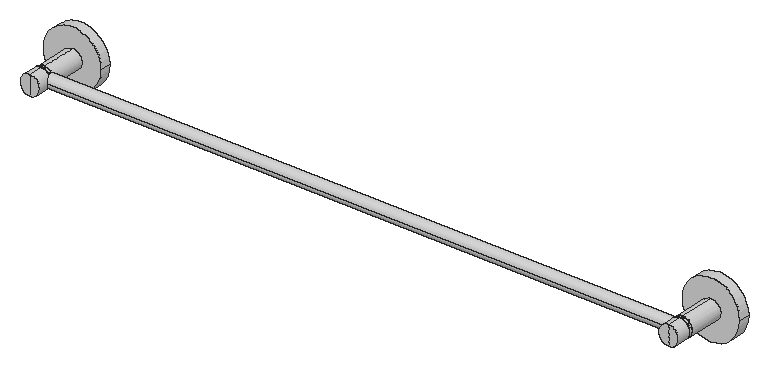
Revit family "Reece_Accessory_GROHE_Essentials_Single Towel Rail_600 mm", category Plumbing Fixtures, Revit 2018
Family settings
  Round Connector Dimension = Use Diameter
  Part Type = Normal
  Work Plane-Based = Yes
  Always vertical = Yes
  Cut with Voids When Loaded = Yes
  Shared = Yes
  Room Calculation Point = Yes
Parameters
  URL = "https://www.reece.com.au/product/-9506966"
  Type Comments = "Accessory"
  Reece_Product_Web Page = "https://www.reece.com.au/product/-9506966"
  Reece_Product_Type = "Accessory"  # constant formula
  Reece_Product_Sub Brand = "Essentials"  # constant formula
  Reece_Product_Number = "9506966"
  Reece_Product_Mount = "Wall Mounted"
  Reece_Product_Description = "GROHE Essentials Accessories Single Towel Rail 600mm Chrome"
  Reece_Product_Brand = "GROHE"  # constant formula
  Reece_Overall_Width = 654 mm  # constant formula
  Reece_Material_Main = Reece_Brass_Chrome
  Reece_Height_From_Level [instance] = 1000 mm
  Reece_Detail_Shape = ""
  Reece_Detail_Installation = ""
  Reece_Detail_Disclaimer = "THIS FILE IS THE PROPERTY OF THE REECE GROUP. IT MAY NOT BE REPRODUCED, REVERSE-ENGINEERED OR MODIFIED. ANY REPUBLICATION, TRANSMISSION OR DISTRIBUTION FOR THE PURPOSE OF COMMERCIALLY EXPLOITING THE FILES IS PROHIBITED."  # constant formula
  Reece_Detail_Connector = ""
  Reece_Detail_Additional = ""
  Reece_Accessory_Projection = 60 mm  # constant formula
  Model = "Essentials"
  Manufacturer = "GROHE"
  Keynote = "Product #9506966, Reece_Accessory_GROHE_Essentials_Single Towel Rail_600 mm -  "
  Disclaimer = "THIS FILE IS THE PROPERTY OF THE REECE GROUP. IT MAY NOT BE REPRODUCED, REVERSE-ENGINEERED OR MODIFIED. ANY REPUBLICATION, TRANSMISSION OR DISTRIBUTION FOR THE PURPOSE OF COMMERCIALLY EXPLOITING THE FILES IS PROHIBITED."  # constant formula
  Description = "GROHE Essentials Accessories Single Towel Rail 600mm Chrome"
  Default Elevation = 0 mm
Types (2, lengths in mm): name | Keynote
  (no name) | "Product #9506966, Reece_Accessory_GROHE_Essentials_Single Towel Rail_600 mm -  "
  Chrome | "Product #9506966, Reece_Accessory_GROHE_Essentials_Single Towel Rail_600 mm - Chrome"
Reference planes
  plane 1 "Center (Front/Back)": y = 0
  plane 2 "Bottom Host Plane": z = -5
  plane 3 "Center (Left/Right)": x = 0
  plane 4 "Fixing Point": z = 1000
  plane 5: x = -300
  plane 6: x = 300
  plane 7: y = -60
  plane 8: x = -327
  plane 9: x = 327
Forms (mm)
  Extrusion 1, solid, material "Reece_Brass_Chrome" <- "Reece_Material_Main"
    sketch origin (0, 0, 0) x (1, 0, 0) y (0, 0, 1)
      loop
        circle (-300, 1000) r 27
    from 0 to 10
  Extrusion 2, solid, material "Reece_Brass_Chrome" <- "Reece_Material_Main"
    sketch origin (0, 0, 0) x (-1, 0, 0) y (0, 0, -1)
      loop
        circle (-300, -1000) r 27
    from 0 to 10
  Revolve 3, solid, material "Reece_Brass_Chrome" <- "Reece_Material_Main"
    sketch origin (-300, 0, 0) x (0, 1, 0) y (0, 0, 1)
      loop
        line (-10, 1000) -> (-10, 1009) -> (-43, 1009) -> (-43, 1008.2) -> (-44, 1008.2) -> (-44, 1009) -> (-46, 1009) -> (-46, 1008.2) -> (-47, 1008.2) -> (-47, 1009) -> (-60, 1009) -> (-60, 1000) -> (-10, 1000)
      axis (-60, 1000) -> (-10, 1000)
    angle from 0 to 360
  Revolve 4, solid, material "Reece_Brass_Chrome" <- "Reece_Material_Main"
    sketch origin (300, 0, 0) x (0, 1, 0) y (0, 0, -1)
      loop
        line (-10, -1000) -> (-60, -1000) -> (-60, -1009) -> (-47, -1009) -> (-47, -1008.2) -> (-46, -1008.2) -> (-46, -1009) -> (-44, -1009) -> (-44, -1008.2) -> (-43, -1008.2) -> (-43, -1009) -> (-10, -1009) -> (-10, -1000)
      axis (-60, -1000) -> (-10, -1000)
    angle from 0 to 360
  Extrusion 5, solid, material "Reece_Brass_Chrome" <- "Reece_Material_Main"
    sketch origin (0, 0, 0) x (0, 1, 0) y (0, 0, 1)
      loop
        circle (-45.04, 1000) r 6
    from -300 to 300
Cuts and joins
  joined: Revolve 3, Revolve 4, Extrusion 5
Lines and regions (mm)
  model lines, style "InvisibleLines"
    curve 1: line (0, 0, -5) -> (0, 0, 1000)
Text (mm)
  text "Reece ©" at (2649.709, -2362.894, 3004.21), in view "Reece Preview"
  text "Reece ©" at (488.924, -111.074, -1020.679), in view "Ref. Level"
Dimensions and locks
  locked: plane 2 "Bottom Host Plane" to level at 5
  "Reece_Height_From_Level": plane 4 "Fixing Point" to level
  "Reece_Accessory_Projection": plane 1 "Center (Front/Back)" to plane 7
  "Reece_Overall_Width": plane 8 to plane 9
  aligned and locked: plane 4 "Fixing Point" to curve 1
  aligned and locked: plane 2 "Bottom Host Plane" to curve 1
Automatic sketch dimensions
  curve 1 to plane 3 "Center (Left/Right)" = 0 mm
  Extrusion 1 sketch curve to plane 4 "Fixing Point" = 0 mm
  Extrusion 1 sketch curve to plane 5 = 0 mm
  Extrusion 2 sketch curve to plane 4 "Fixing Point" = 0 mm
  plane 6 to Extrusion 2 sketch curve = 0 mm
  plane 4 "Fixing Point" to Revolve 3 sketch curve = 0 mm  (x2)
  Revolve 3 sketch curve to plane 4 "Fixing Point" = 8.2 mm
  Revolve 3 sketch curve to Revolve 3 sketch curve = 1 mm  (x2)
  Revolve 3 sketch curve to Revolve 3 sketch curve = 2 mm
  Revolve 3 sketch curve to Revolve 3 sketch curve = 13 mm
  Revolve 3 sketch curve to Revolve 3 sketch curve = 0 mm  (x2)
  Revolve 3 sketch curve to Revolve 3 sketch curve = 0.8 mm  (x3)
  plane 4 "Fixing Point" to Revolve 4 sketch curve = 0 mm  (x2)
  Revolve 4 sketch curve to plane 4 "Fixing Point" = 8.2 mm
  Revolve 4 sketch curve to Revolve 4 sketch curve = 1 mm  (x2)
  Revolve 4 sketch curve to Revolve 4 sketch curve = 2 mm
  Revolve 4 sketch curve to Revolve 4 sketch curve = 13 mm
  Revolve 4 sketch curve to Revolve 4 sketch curve = 0.8 mm  (x3)
  Revolve 4 sketch curve to Revolve 4 sketch curve = 9 mm
  Revolve 4 sketch curve to Revolve 4 sketch curve = 0 mm
  plane 4 "Fixing Point" to Extrusion 5 sketch curve = 0 mm
  Revolve 3 sketch curve to plane 7 = 0 mm
  plane 1 "Center (Front/Back)" to Revolve 3 sketch curve = 10 mm
  Revolve 3 sketch curve to Revolve 3 sketch curve = 1.429 mm
  Revolve 4 sketch curve to plane 7 = 0 mm
  plane 1 "Center (Front/Back)" to Revolve 4 sketch curve = 10 mm
  Revolve 4 sketch curve to Revolve 4 sketch curve = 1.429 mm
  plane 7 to Extrusion 5 sketch curve = 14.96 mm
  radius of Extrusion 1 sketch curve = 27 mm
  radius of Extrusion 2 sketch curve = 27 mm
  radius of Extrusion 5 sketch curve = 6 mm
